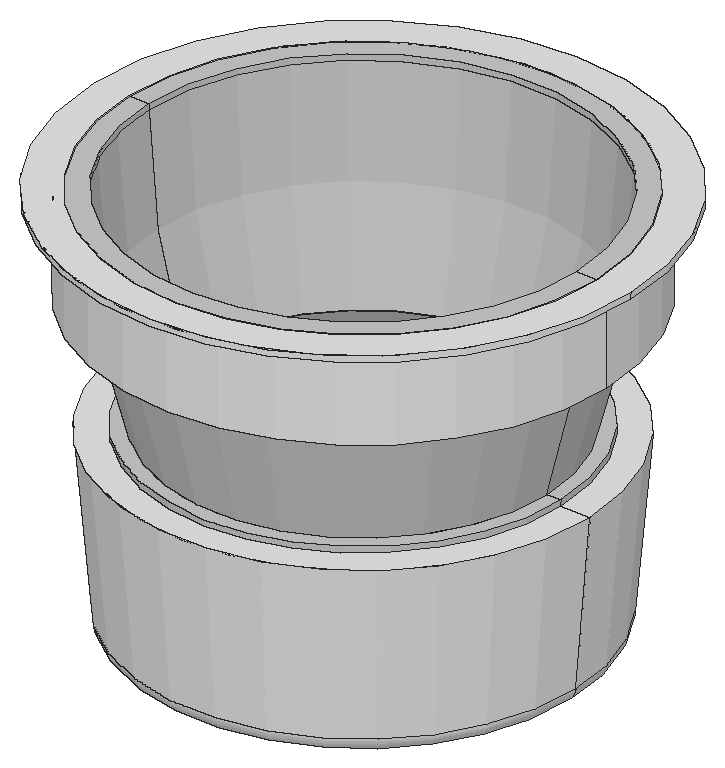
Revit family "2059371 Lighting Fixture_Sylvania_Ascent 150 II Round_Ceiling Recessed", category Lighting Fixtures, host Face, Revit 2017
Family settings
  Host = Face
  Round Connector Dimension = Use Diameter
  Part Type = Normal
  OmniClass Number = 23.80.70.11.17
  OmniClass Title = Specialized Lighting by Location or Use
  Cut with Voids When Loaded = No
  Light Source = Yes
  Shared = No
  Room Calculation Point = No
Parameters (values of type "ASCENT 150 II 3400 4K DALI EM")
  Upper Body Radius = Radius - 14.5 mm  # 80.0 mm
  Upper Body Material = Metal_Sylvania_Ascent 150 II_Black
  Ring Outer Diameter = Diameter - 17.0 mm  # 172.0 mm
  Ring Inner Diameter = Ring Outer Diameter - 4.0 mm  # 168.0 mm
  Reflector Material = Metal_Sylvania_Ascent 150 II_Polished
  Recessed Depth = 142.0 mm
  Radius = Diameter / 2  # 94.5 mm
  Light Emit  Diameter = Diameter - 38.0 mm  # 151.0 mm
  LOR = "100%"  # constant formula
  Inrush Current (max. quantity per 16A C breaker) = "80"  # constant formula
  Inner Reflector Radius = Inner Radius - 19.5 mm  # 63.0 mm
  Inner Radius = Inner Diameter / 2  # 82.5 mm
  Inner Diameter = Diameter - 24.0 mm  # 165.0 mm
  IP Rating = "IP44"  # constant formula
  IK Rating = "IK02"  # constant formula
  Glow Wire Test = 650 °C  # constant formula
  Energy Class = "A++,A+,A"  # constant formula
  Weight = 2.45 kg
  Wattage = 3.42276 W
  built-in parameter 1150110 = 1 (stored number, unit not read)
  Voltage Comments = "UNV (Universal Voltage; 220-240 Volt)"  # constant formula
  Voltage = 230 V  # constant formula
  URL = "https://www.sylvania-lighting.com"
  built-in parameter 1114217 = 1 (stored number, unit not read)
  Tilt Angle = -90°
  built-in parameter 1150109 = 1 (stored number, unit not read)
  built-in parameter 1150134 = 12
  built-in parameter 1150113 = 1 (stored number, unit not read)
  Product Page URL = "https://www.sylvania-lighting.com/product/en-int/products/2059371"
  Product Family = "ASCENT 150 II ROUND"  # constant formula
  Photometry Comments = ""
  Photometric Web File = "2059371_ASCENT150II34004kDALIEM-206543.ies"
  Life = "50 000 h"  # constant formula
  Emit from Circle Diameter = Light Emit  Diameter  # 151.0 mm
  Emit Shape Visible in Rendering = no
  Emergency duration (h) = "N/A"
  Electrical Protection = "Class II"  # constant formula
  Drive Current = "1000mA"  # constant formula
  Distribution type = "Direct"  # constant formula
  Diffuser Material = Glass_Sylvania_Ascent 150 II_Clear_4000K
  Diameter = 189.0 mm
  Cutout Diameter = Diameter - 13.0 mm  # 176.0 mm
  Colour consistency (SDCM) = "3 step"  # constant formula
  built-in parameter 1114216 [instance] = 1 (stored number, unit not read)
  Model = "ASCENT 150 II 3400 4K DALI EM"
  Manufacturer = "Feilo Sylvania"
  built-in parameter 1150105 = 253.56 (stored number, unit not read)
  Lumens = 421 lm
  built-in parameter 1150115 = 1 (stored number, unit not read)
  built-in parameter 1150137 = (empty or 0)
  built-in parameter 1150139 = (empty or 0)
  built-in parameter 1150112 = 1 (stored number, unit not read)
  built-in parameter 1150114 = 1 (stored number, unit not read)
  Lamp Comments = "Integrated LED"  # constant formula
  Lamp = "LED"  # constant formula
  built-in parameter 1150132 = 2
  built-in parameter 1150102 = (empty or 0)
  built-in parameter 1150107 = 4000 (stored number, unit not read)
  built-in parameter 1150138 = (empty or 0)
  built-in parameter 1150106 = 2.5356 (stored number, unit not read)
  built-in parameter 1150104 = 11.427 (stored number, unit not read)
  Dimming Lamp Color Temperature Shift = <None>
  Description = "A very high efficient round downlight up to 127lm/W Long life >50,000hrs 4,000K and 3,000K CCT and CRI Ra85 IP44 rated for wet areas and bathrooms UGR <19 version for offices to comply with EN12464-1 Wide selection of decorative accessories"  # constant formula
  Default Elevation = 0.0 mm
  Color Filter = 16777215
  Catalog Number = "2059371 ASCENT 150 II 3400 4K DALI EM"
  built-in parameter 1140040 [instance] = 1
  CRI (Ra) = ">80"  # constant formula
  built-in parameter 1114218 = 1 (stored number, unit not read)
  built-in parameter 1150133 = 10 (stored number, unit not read)
  Assembly Code = "D5020200"
  Apparent Load Comments = ""
  Apparent Load = 32 VA
  Accessory Material = Aluminum_Sylvania_Ascent 150 II_White
Reference planes
  plane 1 "Center (Front/Back)": y = 0
  plane 2: z = 0
  plane 3 "Center (Left/Right)": x = 0
  plane 4: z = 2
  plane 5: z = -74
  plane 6 "Fixture Top": z = -140
  plane 7: z = -31
  plane 8: z = -72
  plane 9: z = -62.037
Forms (mm)
  Extrusion 1, solid, material "Aluminum_Sylvania_Ascent 150 II_White" <- "Accessory Material", detail levels fine
    sketch origin (0, 0, 0) x (1, 0, 0) y (0, 1, 0)
      loop
        circle (0, 0) r 94.5
      loop
        circle (0, 0) r 82.5
    from 0 to 2
  Extrusion 2, void
    sketch origin (0, 0, 0) x (1, 0, 0) y (0, 1, 0)
      loop
        circle (0, 0) r 88
    from -140 to 2
  Revolve 3, solid, material "Metal_Sylvania_Ascent 150 II_Polished" <- "Reflector Material", detail levels fine
    sketch origin (0, 0, 0) x (1, 0, 0) y (0, 0, 1)
      loop
        line (-82.5, 0) -> (-77.5, 0)
        arc (-77.5, 0) -> (-74.352, -36.539) -> (-65, -72) r 213.61
        line (-65, -72) -> (-70, -72) -> (-70, -74) -> (0, -74) -> (0, -72) -> (-63, -72)
        arc (-63, -72) -> (-72.352, -36.539) -> (-75.5, 0) r 213.61
        line (-75.5, 0) -> (-75.5, 2) -> (-82.5, 2) -> (-82.5, 0)
      axis (0, 2) -> (0, -74)
    angle from 0 to 360
  Extrusion 4, solid, material "Aluminum_Sylvania_Ascent 150 II_White" <- "Accessory Material", detail levels fine
    sketch origin (0, 0, 0) x (1, 0, 0) y (0, 1, 0)
      loop
        circle (0, 0) r 86
      loop
        circle (0, 0) r 84
    from -31 to 0
  Revolve 5, solid, material "Glass_Sylvania_Ascent 150 II_Clear_4000K" <- "Diffuser Material", detail levels fine
    sketch origin (0, 0, 0) x (1, 0, 0) y (0, 0, 1)
      loop
        line (-63, -72) -> (0, -72) -> (0, -62.037)
        arc (0, -62.037) -> (-31.891, -64.543) -> (-63, -72) r 204.163
      axis (0, -62.037) -> (0, -72)
    angle from 0 to 360
  Revolve 6, solid, material "Metal_Sylvania_Ascent 150 II_Black" <- "Upper Body Material", detail levels fine
    sketch origin (0, 0, 0) x (1, 0, 0) y (0, 0, 1)
      loop
        line (0, -74) -> (-80, -74) -> (-75.107, -129.929)
        arc (-75.107, -129.929) -> (-73.452, -133.536) -> (-69.924, -135.353) r 6.079
        arc (-69.924, -135.353) -> (-35.039, -138.837) -> (0, -140) r 528.435
        line (0, -140) -> (0, -74)
      axis (0, -74) -> (0, -140)
    angle from 0 to 360
  Revolve 7, solid, material "Aluminum_Sylvania_Ascent 150 II_White" <- "Accessory Material", detail levels coarse+medium
    sketch origin (0, 0, 0) x (1, 0, 0) y (0, 0, 1)
      loop
        arc (-69.924, -135.353) -> (-35.039, -138.837) -> (0, -140) r 528.435
        line (0, -140) -> (0, 2) -> (-94.5, 2) -> (-94.5, 0) -> (-86, 0) -> (-86, -31)
        arc (-86, -31) -> (-84.493, -52.708) -> (-80, -74) r 157.083
        line (-80, -74) -> (-75.107, -129.929)
        arc (-75.107, -129.929) -> (-73.452, -133.536) -> (-69.924, -135.353) r 6.079
      axis (0, 2) -> (0, -140)
    angle from 0 to 360
Cuts and joins
  joined: Extrusion 1, Extrusion 4
Lines and regions (mm)
  Masking region 1
    outline origin (0, 0, 0) x (1, 0, 0) y (0, 1, 0)
      loop
        circle (0, 0) r 94.5
  symbolic lines, detail levels fine
    curve 1: arc (-75.5, 0, 0) -> (0, 75.5, 0) -> (75.5, 0, 0) r 75.5
    curve 2: arc (75.5, 0, 0) -> (0, -75.5, 0) -> (-75.5, 0, 0) r 75.5
Dimensions and locks
  plane 4 to plane 2 to plane 7 to plane 9 to plane 8 to plane 5 = 2.0 mm locked, 31.0 mm locked, 31.037 mm locked, 9.963 mm locked, 2.0 mm locked
  "Inner Radius": plane 3 "Center (Left/Right)" to Revolve 3 sketch curve
  locked: Revolve 3 sketch curve to Revolve 3 sketch curve at 7
  Revolve 3 sketch curve to Revolve 3 sketch curve to Revolve 3 sketch curve to Revolve 3 sketch curve = 2.0 mm locked, 5.0 mm locked, 12.5 mm locked
  "Inner Reflector Radius": Revolve 5 sketch curve to imposter light
  Revolve 6 sketch curve to Revolve 6 sketch curve to plane 6 "Fixture Top" = 5.424 mm locked, 4.647 mm locked
  "Recessed Depth": plane 4 to plane 6 "Fixture Top"
  "Upper Body Radius": plane 3 "Center (Left/Right)" to Revolve 6 sketch curve
  Revolve 6 sketch curve to Revolve 6 sketch curve to Revolve 6 sketch curve = 4.893 mm locked, 5.183 mm locked
  Revolve 7 sketch curve to Revolve 7 sketch curve to plane 6 "Fixture Top" = 5.424 mm locked, 4.647 mm locked
  Revolve 7 sketch curve to Revolve 7 sketch curve to Revolve 7 sketch curve to Revolve 7 sketch curve to Revolve 7 sketch curve = 8.5 mm locked, 6.0 mm locked, 4.893 mm locked, 5.183 mm locked
  "Radius": plane 3 "Center (Left/Right)" to Revolve 7 sketch curve
  "Diameter": diameter of Extrusion 1 sketch curve
  "Inner Diameter": diameter of Extrusion 1 sketch curve
  "Cutout Diameter": diameter of Extrusion 2 sketch curve
  "Ring Outer Diameter": diameter of Extrusion 4 sketch curve
  "Ring Inner Diameter": diameter of Extrusion 4 sketch curve
  aligned and locked: plane 2 to host face
  aligned and locked: level to host face
  aligned and locked: imposter light to plane 3 "Center (Left/Right)"
  aligned and locked: imposter light to plane 1 "Center (Front/Back)"
  aligned and locked: Extrusion 1 to plane 2
  aligned and locked: plane 4 to Extrusion 1
  aligned and locked: imposter light to plane 4
  aligned and locked: imposter light to Revolve 3 sketch curve
  aligned and locked: Revolve 3 sketch curve to imposter light
  aligned and locked: Revolve 3 sketch curve to plane 2
  aligned and locked: Revolve 3 sketch curve to Revolve 3 sketch curve
  aligned and locked: plane 5 to Revolve 3 sketch curve
  aligned and locked: Extrusion 4 to plane 7
  aligned and locked: Revolve 3 sketch curve to plane 8
  aligned and locked: Revolve 5 sketch curve to plane 8
  aligned and locked: imposter light to Revolve 5 sketch curve  (x2)
  aligned and locked: imposter light to Revolve 6 sketch curve  (x2)
  aligned and locked: plane 5 to Revolve 6 sketch curve
  aligned and locked: plane 6 "Fixture Top" to Revolve 6 sketch curve
  aligned and locked: Revolve 7 sketch curve to plane 2
  aligned and locked: plane 4 to Revolve 7 sketch curve
  aligned and locked: plane 7 to Revolve 7 sketch curve
  aligned and locked: imposter light to Extrusion 2
  aligned and locked: Extrusion 2 to plane 6 "Fixture Top"
  aligned and locked: Masking region 1 sketch curve to Revolve 7  (x2)
  aligned and locked: curve 1 to Revolve 3
  aligned and locked: curve 2 to Revolve 3
Automatic sketch dimensions
  host sketch curve to host sketch curve = 1040.406 mm
  host sketch curve to host sketch curve = 988.385 mm
  Extrusion 1 sketch curve to Extrusion 1 sketch curve = 0.0 mm  (x2)
  plane 1 "Center (Front/Back)" to Extrusion 1 sketch curve = 0.0 mm
  Extrusion 1 sketch curve to plane 3 "Center (Left/Right)" = 0.0 mm
  plane 1 "Center (Front/Back)" to Extrusion 2 sketch curve = 0.0 mm
  Extrusion 2 sketch curve to plane 3 "Center (Left/Right)" = 0.0 mm
  Revolve 3 sketch curve to plane 3 "Center (Left/Right)" = 0.0 mm
  Revolve 3 sketch curve to level = 0.0 mm
  Revolve 3 sketch curve to Revolve 3 sketch curve = 2.0 mm
  Revolve 3 sketch curve to plane 5 = 27.065 mm
  plane 4 to Revolve 3 sketch curve = 16.525 mm
  Extrusion 4 sketch curve to Extrusion 4 sketch curve = 0.0 mm  (x2)
  plane 1 "Center (Front/Back)" to Extrusion 4 sketch curve = 0.0 mm
  Extrusion 4 sketch curve to plane 3 "Center (Left/Right)" = 0.0 mm
  Revolve 5 sketch curve to plane 9 = 0.0 mm
  Revolve 5 sketch curve to plane 5 = 17.158 mm
  Revolve 5 sketch curve to plane 7 = 15.158 mm
  Revolve 6 sketch curve to plane 7 = 0.0 mm
  Revolve 6 sketch curve to Revolve 6 sketch curve = 6.05 mm
  Revolve 6 sketch curve to plane 6 "Fixture Top" = 26.0 mm
  Revolve 7 sketch curve to plane 3 "Center (Left/Right)" = 0.0 mm  (x2)
  Revolve 7 sketch curve to plane 6 "Fixture Top" = 0.0 mm
  Revolve 7 sketch curve to plane 5 = 0.0 mm
  Revolve 7 sketch curve to plane 7 = 0.0 mm
  Revolve 7 sketch curve to Revolve 7 sketch curve = 0.866 mm
  Revolve 7 sketch curve to Revolve 7 sketch curve = 26.0 mm
Connectors
  electrical at (0, 0, -140), driven by "Apparent Load", driven by "Voltage"
    settings: index 1, voltage 230 V, apparent load 0 VA, apparent load phase1 32 VA, apparent load phase2 0 VA, apparent load phase3 0 VA, power factor 1, load classification "Lighting", number of poles 1, system type 31, power factor state 1, is connector primary yes, connector utility no, sub classification motor no, connector description ""
